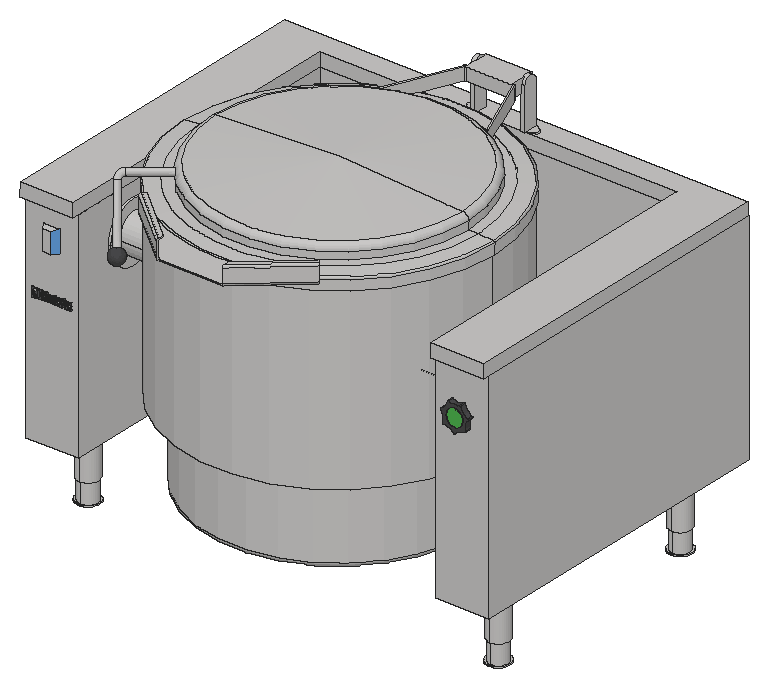
Revit family "QF_ELECTROLUXPROFESSIONAL_587192_PBOT20TDJO", category Attrezzature speciali, Revit 2020
Family settings
  Quota connettore circolare = Usa diametro
  Tipo di parte = Normale
  Basato su piano di lavoro = No
  Sempre verticale = Sì
  Taglio con vuoti quando caricato = No
  Condiviso = No
  Punto di calcolo locali = No
Parameters (values of type "Standard")
  Weight = 360.00 kg
  Watts = 200 W
  Volts = 230 V
  URL Manufacturer = "https://www.electroluxprofessional.com/"
  URL = "https://www.electroluxprofessional.com/"
  Steam Supply Size = 25.4 mm
  Steam Supply Minimum Pressure = 3.28084 Pa
  Steam Supply Maximum Pressure = 4.92126 Pa
  Steam Consumption per Hour = 85
  Refrigeration Suction Line Size = 0.0 mm
  Refrigeration Liquid Line Size = 0.0 mm
  Refrigerant Compressor Remote = yes
  Prospetto di default = 0.0 mm
  Produttore = "Electrolux Professional"
  Phase = 1
  Modello = "PBOT20TDJO"
  Length Actual = 1400.0 mm  # constant formula
  Item Number = "587192"
  Hot Water Size = 12.7 mm
  Height Actual = 700.0 mm  # constant formula
  HP = "0.3 HP"
  Gas Size = 0 mm
  Gas KW = 0
  Gas Input Pressure = 0 W
  Direct Waste Size = 0 mm
  Descrizione = "STEAM (MAN) BOILING PAN, TILTING,200L,230V,FS,MARINE"
  Depth Actual = 1000.0 mm  # constant formula
  Cycle = 50 Hz
  Condensate Return Size = 25.4 mm
  Compressed Air Volume = 0.0 L/s
  Compressed Air Size = 0 mm
  Compressed Air Pressure = 0.0 Pa
  Cold Water Size = 12.7 mm
  Accessory = yes
Reference planes
  plane 1 "Center (Front/Back)": y = 0
  plane 2: z = 0
  plane 3 "Center (Left/Right)": x = 0
  plane 4 "LEFT": x = -700
  plane 5 "RIGHT": x = 700
  plane 6 "BACK": y = 500
  plane 7 "FRONT": y = -500
  plane 8 "Base": z = 200
  plane 9 "TOP": z = 900
  plane 10: x = -540
  plane 11: x = 540
  plane 12 "Axe_PentolaY": y = -280
  plane 13 "AxePentolaZ": z = 730
  plane 14 "PLANE_TOP": z = 860
  plane 15: y = 430
  plane 16: x = -465
  plane 17 "PentolaH1": z = 970
  plane 18 "PentolaH2": z = 430
  plane 19 "Pentola_H3": z = 160
  plane 20: x = -405
  plane 21: y = -734
  plane 22 "CentroPentolaY": y = -170
  plane 23 "TopCoperchio": z = 1071
  plane 24 "Versamento": z = 1002
  plane 25 "V1": through (-269.804, -566.187, 4000) normal (-0.7071, -0.7071, 0)
  plane 26 "V2": through (187.211, -659.95, 4000) normal (-0.6561, 0.7547, 0)
  plane 27 "Gfront": y = -1400
  plane 28 "LEVEL": through (-433.899, -446.4, 4000) normal (0.6535, 0.7569, 0)
  plane 29 "GRight": x = 250
  plane 30 "GLeft": x = -250
  plane 31: z = 2047
  plane 32 "Ribaltamento": y = -835
  plane 33: x = -620
  plane 34: x = 620
  plane 35 "AttaccoManiglia": z = 1028
  plane 36 "GBack": y = -200
  plane 37: through (0, -170, 4000) normal (0.6157, -0.788, 0)
Forms (mm)
  Revolve 1, solid, material "QF_Finishes_Stainless Steel"
    sketch origin (0, 0, 730) x (-1, 0, 0) y (0, -1, 0)
      loop
        line (540, 280) -> (-540, 280) -> (-540, 190) -> (-530, 190) -> (-530, 222) -> (530, 222) -> (530, 190) -> (540, 190) -> (540, 280)
      axis (540, 280) -> (-540, 280)
    angle from 0 to 360
  Extrusion 2, solid, material "QF_Finishes_Stainless Steel"
    sketch origin (0, 0, 860) x (-1, 0, 0) y (0, -1, 0)
      loop
        line (700, 500) -> (540, 500) -> (540, -430) -> (-540, -430) -> (-540, 500) -> (-700, 500) -> (-700, -500) -> (700, -500) -> (700, 500)
    from 0 to 40
  Extrusion 3, solid, material "QF_Finishes_Stainless Steel"
    sketch origin (0, 0, 860) x (-1, 0, 0) y (0, -1, 0)
      loop
        line (540, -430) -> (-540, -430) -> (-540, -500) -> (540, -500) -> (540, -430)
    from 0 to -360
  Revolve 4, solid, material "QF_Finishes_Stainless Steel"
    sketch origin (0, -170, 0) x (-1, 0, 0) y (0, 0, 1)
      loop
        line (0, 970) -> (0, 160)
        arc (0, 160) -> (194.987, 166.243) -> (389.172, 184.97) r 3042.07
        arc (389.172, 184.97) -> (400.002, 186.598) -> (405, 196.343) r 12
        line (405, 196.343) -> (405, 430) -> (465, 430) -> (465, 970) -> (0, 970)
      axis (0, 970) -> (0, 160)
    angle from 0 to 360
  Revolve 5, solid, material "QF_Finishes_Stainless Steel"
    sketch origin (0, -170, 0) x (-1, 0, 0) y (0, 0, 1)
      loop
        line (470, 970) -> (470, 1000.417)
        arc (470, 1000.417) -> (468.783, 1004.04) -> (465.626, 1006.193) r 6
        line (465.626, 1006.193) -> (421, 1010) -> (390, 1010) -> (390, 1031.999)
        arc (390, 1031.999) -> (384.849, 1045.397) -> (372.049, 1051.894) r 20
        arc (372.049, 1051.894) -> (186.27, 1066.22) -> (0, 1071) r 3631.929
        line (0, 1071) -> (0, 970) -> (470, 970)
      axis (0, 1071) -> (0, 970)
    angle from 0 to 360
  Extrusion 6, solid, material "QF_Finishes_Stainless Steel"
    sketch origin (0, 0, 1002) x (-1, 0, 0) y (0, -1, 0)
      loop
        line (91.591, 734) -> (-92.97, 734) -> (-268.11, 581.753) -> (-253.963, 565.478)
        arc (-253.963, 565.478) -> (0.647, 640) -> (255.051, 564.777) r 470
        line (255.051, 564.777) -> (268.273, 581.464) -> (91.591, 734)
    from 0 to 3
  Sweep 7, solid, material "QF_Finishes_Stainless Steel"
    path origin (0, 0, 1002) x (-1, 0, 0) y (0, -1, 0)
      loop
        line (-83.331, 750.252) -> (-272.008, 586.237)
    profile origin (177.669, -668.244, 1002) x (-0.656059, 0.75471, 0) y (0, 0, 1)
      loop
        arc (0, 6) -> (1.757, 1.757) -> (6, 0) r 6
        line (6, 0) -> (19, 0) -> (19, 3) -> (6, 3)
        arc (6, 3) -> (3.879, 3.879) -> (3, 6) r 3
        line (3, 6) -> (3, 50)
        arc (3, 50) -> (3.879, 52.121) -> (6, 53) r 3
        line (6, 53) -> (19, 53) -> (19, 56) -> (6, 56)
        arc (6, 56) -> (1.757, 54.243) -> (0, 50) r 6
        line (0, 50) -> (0, 6)
  Extrusion 8, solid, material "QF_Finishes_Stainless Steel"
    sketch origin (0, 0, 0) x (0, 1, 0) y (0, 0, 1)
      loop
        line (470, 900) -> (470, 1026.813)
        arc (470, 1026.813) -> (450, 1046.813) -> (430, 1026.813) r 20
        line (430, 1026.813) -> (430, 900) -> (470, 900)
    from -70 to -82
  Extrusion 9, solid, material "QF_Finishes_Stainless Steel"
    sketch origin (0, 0, 900) x (0, 1, 0) y (-1, 0, 0)
      loop
        arc (391.221, 74.165) -> (393.445, 72.322) -> (394.279, 69.557) r 5
        line (394.279, 69.557) -> (394.279, -69.557)
        arc (394.279, -69.557) -> (393.445, -72.322) -> (391.221, -74.165) r 5
        line (391.221, -74.165) -> (185.222, -160.989) -> (181.486, -168.991) -> (394.012, -78.4)
        arc (394.012, -78.4) -> (397.863, -74.931) -> (399.459, -70) r 10
        line (399.459, -70) -> (470, -70) -> (470, 70) -> (399.459, 70)
        arc (399.459, 70) -> (397.863, 74.931) -> (394.012, 78.4) r 10
        line (394.012, 78.4) -> (182.094, 167.719) -> (184.906, 161.122) -> (391.221, 74.165)
    from 102 to 141.895
  Extrusion 10, solid, material "QF_Finishes_Stainless Steel"
    sketch origin (0, 0, 0) x (0, 1, 0) y (0, 0, 1)
      loop
        line (470, 900) -> (470, 1026.813)
        arc (470, 1026.813) -> (450, 1046.813) -> (430, 1026.813) r 20
        line (430, 1026.813) -> (430, 900) -> (470, 900)
    from 70 to 82
  Extrusion 11, solid, material "QF_Finishes_Stainless Steel"
    sketch origin (0, 0, 900) x (0, 1, 0) y (-1, 0, 0)
      loop
        arc (441.973, -103.927) -> (450, -108.689) -> (458.027, -103.927) r 9.146
        line (458.027, -103.927) -> (470, -82) -> (430, -82) -> (441.973, -103.927)
      loop
        line (441.973, 103.927) -> (430, 82) -> (470, 82) -> (458.027, 103.927)
        arc (458.027, 103.927) -> (450, 108.689) -> (441.973, 103.927) r 9.146
    from 0 to 3
  Extrusion 12, solid, material "QF_Door-Drawer Clearances", detail levels coarse
    sketch origin (0, 0, 0) x (0, 1, 0) y (0, 0, 1)
      loop
        line (-734, 1008) -> (-734, 1058)
        arc (-734, 1058) -> (-830.288, 669.084) -> (-635, 319.241) r 545.673
        line (-635, 319.241) -> (-635, 970) -> (-640, 970) -> (-640, 1002) -> (-729.757, 1002)
        spline (-729.757, 1002) -> (-730.311, 1002.051) -> (-730.855, 1002.204) -> (-731.381, 1002.457) -> (-731.879, 1002.804) -> (-732.34, 1003.24) -> (-732.757, 1003.757) -> (-733.123, 1004.347) -> (-733.432, 1005) -> (-733.677, 1005.704) -> (-733.855, 1006.447) -> (-733.964, 1007.217) -> (-734, 1008)
    from -100 to 100
  Extrusion 13, void
    sketch origin (0, 0, 1002) x (-1, 0, 0) y (0, -1, 0)
      loop
        line (-100, 734) -> (100, 734) -> (100, 751.601) -> (-100, 751.601) -> (-100, 734)
    from 0 to 71
  Extrusion 14, solid, material "QF_Door-Drawer Clearances", detail levels coarse
    sketch origin (0, 0, 0) x (0, 1, 0) y (0, 0, 1)
      loop
        line (470, 1026.813) -> (470, 1056.062) -> (390.735, 1353.963)
        arc (390.735, 1353.963) -> (344.187, 1589.928) -> (267.311, 1817.823) r 1843.263
        line (267.311, 1817.823) -> (206.507, 2046.341)
        arc (206.507, 2046.341) -> (-460.593, 1748.224) -> (-734, 1070.62) r 976.38
        line (-734, 1070.62) -> (-734, 1056.062) -> (-450, 1056.062)
        arc (-450, 1056.062) -> (-169.5, 1072.082) -> (111, 1056.062) r 2463.707
        line (111, 1056.062) -> (220, 1056.062) -> (220, 1012.644) -> (430, 1012.644) -> (430, 1026.813)
        arc (430, 1026.813) -> (450, 1046.813) -> (470, 1026.813) r 20
    from -100 to 100
  Sweep 15, solid, material "QF_Finishes_Stainless Steel"
    path origin (0, 0, 1002) x (1, 0, 0) y (0, -1, 0)
      loop
        line (-83.331, 750.252) -> (-272.008, 586.237)
    profile origin (-177.669, -668.244, 1002) x (-0.656059, -0.75471, 0) y (0, 0, 1)
      loop
        line (0, 6) -> (0, 50)
        arc (0, 50) -> (-1.757, 54.243) -> (-6, 56) r 6
        line (-6, 56) -> (-19, 56) -> (-19, 53) -> (-6, 53)
        arc (-6, 53) -> (-3.879, 52.121) -> (-3, 50) r 3
        line (-3, 50) -> (-3, 6)
        arc (-3, 6) -> (-3.879, 3.879) -> (-6, 3) r 3
        line (-6, 3) -> (-19, 3) -> (-19, 0) -> (-6, 0)
        arc (-6, 0) -> (-1.757, 1.757) -> (0, 6) r 6
  Extrusion 16, void
    sketch origin (0, 0, 1002) x (-1, 0, 0) y (0, -1, 0)
      loop
        line (100, 710.586) -> (100, 733.997) -> (-100, 733.997) -> (-100, 710.586) -> (100, 710.586)
    from 0 to 56
Cuts and joins
  Extrusion 13 cuts Extrusion 6
  Extrusion 13, Extrusion 16 cuts Sweep 7
  Extrusion 13, Extrusion 16 cuts Sweep 15
  joined: Extrusion 6, Sweep 7, Sweep 15
  Extrusion 13 cuts Extrusion 12
Lines and regions (mm)
  symbolic lines
    curve 1: line (700, 500, 900) -> (-700, 500, 900)
    curve 2: line (700, -500, 900) -> (700, 500, 900)
    curve 3: line (-700, 500, 900) -> (-700, -500, 900)
    curve 4: line (-700, -500, 900) -> (-540, -500, 900)
    curve 5: line (-540, -500, 900) -> (-540, 430, 900)
    curve 6: line (540, 430, 900) -> (540, -500, 900)
    curve 7: line (540, -500, 900) -> (700, -500, 900)
    curve 8: line (-530, -190, 900) -> (-530, -370, 900)
    curve 9: line (-530, -190, 900) -> (-540, -190, 900)
    curve 10: line (-530, -370, 900) -> (-540, -370, 900)
    curve 11: line (530, -190, 900) -> (540, -190, 900)
    curve 12: line (530, -370, 900) -> (540, -370, 900)
    curve 13: line (-70, 399.459, 900) -> (-70, 470, 900)
    curve 14: line (-82, 470, 900) -> (82, 470, 900)
    curve 15: line (70, 470, 900) -> (70, 399.459, 900)
    curve 16: line (272.008, -586.237, 900) -> (102.026, -734, 900)
    curve 17: line (-103.927, 441.973, 900) -> (-82, 430, 900)
    curve 18: arc (-103.927, 458.027, 900) -> (-108.689, 450, 900) -> (-103.927, 441.973, 900) r 9.146
    curve 19: line (-82, 470, 900) -> (-103.927, 458.027, 900)
    curve 20: line (-82, 470, 900) -> (-82, 430, 900)
    curve 21: line (82, 430, 900) -> (82, 470, 900)
    curve 22: line (103.927, 458.027, 900) -> (82, 470, 900)
    curve 23: arc (103.927, 441.973, 900) -> (108.689, 450, 900) -> (103.927, 458.027, 900) r 9.146
    curve 24: line (82, 430, 900) -> (103.927, 441.973, 900)
    curve 29: line (-540, 430, 900) -> (-70, 430, 900)
    curve 30: line (540, 430, 900) -> (70, 430, 900)
    curve 31: line (-530, -222, 900) -> (-467.115, -222, 900)
    curve 32: line (-530, -338, 900) -> (-438.949, -338, 900)
    curve 33: line (530, -222, 900) -> (466.676, -222, 900)
    curve 53: line (530, -338, 900) -> (439.209, -338, 900)
    curve 55: line (530, -370, 1002) -> (530, -190, 1002)
    curve 56: circle (0, -170, 1002) r 427.847 normal (0, 0, 1)
    curve 57: arc (-70, 399.459, 1002) -> (-74.931, 397.863, 1002) -> (-78.4, 394.012, 1002) r 10
    curve 58: arc (-74.165, 391.221, 1002) -> (-72.322, 393.445, 1002) -> (-69.557, 394.279, 1002) r 5
    curve 59: arc (69.557, 394.279, 1002) -> (72.322, 393.445, 1002) -> (74.165, 391.221, 1002) r 5
    curve 60: arc (78.4, 394.012, 1002) -> (74.931, 397.863, 1002) -> (70, 399.459, 1002) r 10
    curve 61: line (-69.557, 394.279, 1002) -> (69.557, 394.279, 1002)
    curve 62: line (-160.989, 185.222, 1002) -> (-74.165, 391.221, 1002)
    curve 63: line (-78.4, 394.012, 1002) -> (-167.719, 182.094, 1002)
    curve 64: line (74.165, 391.221, 1002) -> (160.989, 185.222, 1002)
    curve 65: line (168.991, 181.486, 1002) -> (78.4, 394.012, 1002)
    curve 66: arc (470, -170, 1002) -> (0, 300, 1002) -> (-470, -170, 1002) r 470
    curve 67: circle (0, -170, 1002) r 390 normal (0, 0, 1)
    curve 68: arc (-470, -170, 1002) -> (-445.318, -320.307, 1002) -> (-373.864, -454.826, 1002) r 470
    curve 69: line (-255.051, -564.777, 1002) -> (-272.008, -586.237, 1002)
    curve 70: line (272.008, -586.237, 1002) -> (253.963, -565.478, 1002)
    curve 71: line (-272.008, -586.237, 1002) -> (-100, -734.738, 1002)
    curve 72: line (-260.216, -571.313, 1002) -> (-100, -710.586, 1002)
    curve 73: line (259.543, -571.897, 1002) -> (100, -710.586, 1002)
    curve 74: line (-100, -710.586, 1002) -> (-100, -734.738, 1002)
    curve 75: line (100, -710.586, 1002) -> (100, -733.997, 1002)
    curve 76: arc (-362.785, -468.809, 1002) -> (158.731, -612.385, 1002) -> (470, -170, 1002) r 470
  symbolic lines, style "SpecialityEquipmentHiddenLines"
    curve 25: line (-250, -1400, 900) -> (250, -1400, 900)
    curve 26: line (-250, -200, 900) -> (-250, -1400, 900)
    curve 27: line (250, -1400, 900) -> (250, -200, 900)
    curve 50: line (0, -1265.484, 900) -> (0, -1235.484, 900)
    curve 51: line (-15, -1250.484, 900) -> (15, -1250.484, 900)
    curve 54: line (250, -200, 1002) -> (-250, -200, 1002)
  symbolic lines, style "SpecialityEquipment"
    curve 28: circle (0, -1250.484, 900) r 15 normal (0, 0, 1)
    curve 34: line (210, -1400, 900) -> (210, -1200, 900)
    curve 35: line (170, -1400, 900) -> (170, -1240, 900)
    curve 36: line (130, -1400, 900) -> (130, -1280, 900)
    curve 37: line (90, -1400, 900) -> (90, -1320, 900)
    curve 38: line (90, -1360, 900) -> (250, -1360, 900)
    curve 39: line (130, -1320, 900) -> (250, -1320, 900)
    curve 40: line (170, -1280, 900) -> (250, -1280, 900)
    curve 41: line (210, -1240, 900) -> (250, -1240, 900)
    curve 42: line (-210, -1400, 900) -> (-210, -1200, 900)
    curve 43: line (-170, -1400, 900) -> (-170, -1240, 900)
    curve 44: line (-130, -1400, 900) -> (-130, -1280, 900)
    curve 45: line (-90, -1400, 900) -> (-90, -1320, 900)
    curve 46: line (-90, -1360, 900) -> (-250, -1360, 900)
    curve 47: line (-130, -1320, 900) -> (-250, -1320, 900)
    curve 48: line (-170, -1280, 900) -> (-250, -1280, 900)
    curve 49: line (-210, -1240, 900) -> (-250, -1240, 900)
    curve 52: line (-100.772, -734, 900) -> (102.026, -734, 900)
Dimensions and locks
  plane 4 "LEFT" to plane 5 "RIGHT" = 1400.0 mm
  equal spacing: plane 4 "LEFT", plane 3 "Center (Left/Right)", plane 5 "RIGHT"
  equal spacing: plane 6 "BACK", plane 1 "Center (Front/Back)", plane 7 "FRONT"
  plane 6 "BACK" to plane 7 "FRONT" = 1000.0 mm
  plane 8 "Base" to level = 200.0 mm
  plane 9 "TOP" to level = 900.0 mm
  plane 9 "TOP" to plane 8 "Base" = 700.0 mm
  locked: plane 4 "LEFT" to plane 10 at 160
  locked: plane 11 to plane 5 "RIGHT" at 160
  locked: plane 6 "BACK" to plane 12 "Axe_PentolaY" at 780
  locked: plane 13 "AxePentolaZ" to plane 8 "Base" at 530
  locked: Revolve 1 sketch curve to Revolve 1 sketch curve at 58
  locked: Revolve 1 sketch curve to Revolve 1 sketch curve at 90
  locked: plane 10 to Revolve 1 sketch curve at 10
  locked: Revolve 1 sketch curve to plane 11 at 10
  locked: plane 9 "TOP" to plane 14 "PLANE_TOP" at 40
  plane 6 "BACK" to plane 15 = 70.0 mm
  locked: plane 17 "PentolaH1" to plane 13 "AxePentolaZ" at 240
  locked: plane 13 "AxePentolaZ" to plane 18 "PentolaH2" at 300
  locked: plane 18 "PentolaH2" to plane 19 "Pentola_H3" at 270
  locked: plane 3 "Center (Left/Right)" to plane 16 at 465
  locked: plane 3 "Center (Left/Right)" to plane 20 at 405
  Revolve 5 sketch curve to plane 17 "PentolaH1" = 40.0 mm
  locked: plane 16 to Revolve 5 sketch curve at 5
  plane 6 "BACK" to plane 21 = 1234.0 mm
  locked: plane 6 "BACK" to plane 22 "CentroPentolaY" at 670
  locked: plane 23 "TopCoperchio" to plane 9 "TOP" at 171
  locked: plane 24 "Versamento" to level at 1002
  plane 6 "BACK" to plane 27 "Gfront" = 1900.0 mm
  locked: plane 30 "GLeft" to plane 3 "Center (Left/Right)" at 250
  locked: plane 3 "Center (Left/Right)" to plane 29 "GRight" at 250
  plane 31 to plane 9 "TOP" = 1147.0 mm
  plane 6 "BACK" to plane 32 "Ribaltamento" = 1335.0 mm
  equal spacing: plane 10, plane 33, plane 4 "LEFT"
  equal spacing: plane 5 "RIGHT", plane 34, plane 11
  locked: plane 35 "AttaccoManiglia" to level at 1028
  plane 6 "BACK" to plane 36 "GBack" = 700.0 mm
  aligned and locked: level to plane 2
  aligned and locked: plane 5 "RIGHT" to nested 2
  aligned and locked: plane 4 "LEFT" to nested 1
  aligned and locked: plane 8 "Base" to nested 1
  aligned and locked: plane 8 "Base" to nested 2
  aligned and locked: plane 6 "BACK" to nested 2
  aligned and locked: plane 6 "BACK" to nested 1
  aligned and locked: plane 10 to Revolve 1 sketch curve
  aligned and locked: plane 11 to Revolve 1 sketch curve
  aligned and locked: plane 4 "LEFT" to Extrusion 2 sketch curve
  aligned and locked: Extrusion 2 sketch curve to plane 10
  aligned and locked: plane 7 "FRONT" to Extrusion 2 sketch curve  (x2)
  aligned and locked: Extrusion 2 sketch curve to plane 5 "RIGHT"
  aligned and locked: plane 11 to Extrusion 2 sketch curve
  aligned and locked: Extrusion 2 sketch curve to plane 6 "BACK"
  aligned and locked: plane 15 to Extrusion 2 sketch curve
  aligned and locked: Extrusion 3 sketch curve to plane 10
  aligned and locked: plane 6 "BACK" to Extrusion 3 sketch curve
  aligned and locked: plane 11 to Extrusion 3 sketch curve
  aligned and locked: Extrusion 3 sketch curve to plane 15
  aligned and locked: plane 3 "Center (Left/Right)" to Revolve 4 sketch curve
  aligned and locked: Revolve 4 sketch curve to plane 20
  aligned and locked: Revolve 4 sketch curve to plane 18 "PentolaH2"
  aligned and locked: Revolve 4 sketch curve to plane 16
  aligned and locked: plane 17 "PentolaH1" to Revolve 4 sketch curve
  aligned and locked: Revolve 5 sketch curve to plane 17 "PentolaH1"
  aligned and locked: Extrusion 8 sketch curve to plane 15
  aligned and locked: Extrusion 8 sketch curve to Extrusion 2
  aligned and locked: curve 25 to plane 27 "Gfront"
  aligned and locked: curve 26 to plane 30 "GLeft"
  aligned and locked: plane 29 "GRight" to curve 27
  aligned and locked: plane 33 to nested 3
  aligned and locked: plane 34 to nested 4
  aligned and locked: plane 36 "GBack" to curve 54
Automatic sketch dimensions
  plane 12 "Axe_PentolaY" to Revolve 1 sketch curve = 0.0 mm
  Revolve 1 sketch curve to plane 12 "Axe_PentolaY" = 0.0 mm
  plane 36 "GBack" to Revolve 1 sketch curve = 10.0 mm
  plane 5 "RIGHT" to Revolve 1 sketch curve = 432.098 mm
  Revolve 1 sketch curve to plane 4 "LEFT" = 580.148 mm
  Revolve 4 sketch curve to plane 3 "Center (Left/Right)" = 0.0 mm
  Revolve 4 sketch curve to plane 19 "Pentola_H3" = 0.0 mm
  Revolve 4 sketch curve to plane 3 "Center (Left/Right)" = 0.201 mm
  Revolve 4 sketch curve to plane 8 "Base" = 3.657 mm
  Revolve 4 sketch curve to Revolve 4 sketch curve = 12.0 mm
  plane 31 to Revolve 4 sketch curve = 1155.07 mm
  level to Revolve 4 sketch curve = 60.0 mm
  plane 23 "TopCoperchio" to Revolve 4 sketch curve = 179.0 mm
  Extrusion 6 sketch curve to plane 21 = 0.0 mm
  Extrusion 6 sketch curve to plane 3 "Center (Left/Right)" = 0.0 mm
  plane 28 "LEVEL" to Extrusion 6 sketch curve = 6.0 mm  (x2)
  Extrusion 6 sketch curve to plane 22 "CentroPentolaY" = 0.0 mm
  plane 3 "Center (Left/Right)" to Extrusion 6 sketch curve = 92.97 mm
  plane 29 "GRight" to Extrusion 6 sketch curve = 3.963 mm
  plane 29 "GRight" to Extrusion 6 sketch curve = 18.11 mm
  Extrusion 6 sketch curve to plane 30 "GLeft" = 5.051 mm
  Extrusion 6 sketch curve to plane 30 "GLeft" = 18.273 mm
  Extrusion 6 sketch curve to Extrusion 6 sketch curve = 16.687 mm
  Sweep 7 sketch curve to plane 26 "V2" = 0.0 mm  (x2)
  plane 29 "GRight" to Sweep 7 sketch curve = 22.008 mm
  Sweep 7 sketch curve to plane 21 = 16.252 mm
  Sweep 7 sketch curve to Sweep 7 sketch curve = 0.0 mm  (x4)
  Sweep 7 sketch curve to profile plane = 0.0 mm
  plane 24 "Versamento" to Sweep 7 sketch curve = 0.0 mm
  Sweep 7 sketch curve to Sweep 7 sketch curve = 3.0 mm  (x2)
  Sweep 7 sketch curve to profile plane = 6.0 mm
  Sweep 7 sketch curve to Sweep 7 sketch curve = 13.0 mm  (x2)
  Sweep 7 sketch curve to Sweep 7 sketch curve = 44.0 mm
  Extrusion 8 sketch curve to plane 35 "AttaccoManiglia" = 1.187 mm
  Extrusion 8 sketch curve to Extrusion 8 sketch curve = 20.0 mm
  Extrusion 10 sketch curve to plane 9 "TOP" = 0.0 mm
  Extrusion 10 sketch curve to plane 15 = 0.0 mm
  Extrusion 10 sketch curve to plane 35 "AttaccoManiglia" = 1.187 mm
  Extrusion 10 sketch curve to Extrusion 10 sketch curve = 20.0 mm
  Extrusion 11 sketch curve to plane 15 = 0.0 mm  (x2)
  plane 15 to Extrusion 11 sketch curve = 11.973 mm  (x2)
  Extrusion 11 sketch curve to Extrusion 11 sketch curve = 8.027 mm  (x4)
  Extrusion 11 sketch curve to Extrusion 11 sketch curve = 11.973 mm  (x2)
  plane 3 "Center (Left/Right)" to Extrusion 11 sketch curve = 103.927 mm
  Extrusion 11 sketch curve to Extrusion 11 sketch curve = 4.383 mm  (x2)
  Extrusion 11 sketch curve to Extrusion 11 sketch curve = 21.927 mm
  Extrusion 11 sketch curve to plane 3 "Center (Left/Right)" = 82.0 mm
  Extrusion 11 sketch curve to Extrusion 11 sketch curve = 17.543 mm
  Extrusion 13 sketch curve to plane 21 = 0.0 mm
  plane 26 "V2" to Extrusion 13 sketch curve = 132.541 mm
  Extrusion 13 sketch curve to plane 25 "V1" = 142.829 mm
  Extrusion 13 sketch curve to plane 21 = 17.601 mm
  plane 30 "GLeft" to Sweep 15 sketch curve = 22.008 mm
  plane 7 "FRONT" to Sweep 15 sketch curve = 86.237 mm
  plane 21 to Sweep 15 sketch curve = 16.252 mm
  plane 3 "Center (Left/Right)" to Sweep 15 sketch curve = 83.331 mm
  Sweep 15 sketch curve to Sweep 15 sketch curve = 0.0 mm  (x4)
  plane 24 "Versamento" to Sweep 15 sketch curve = 0.0 mm
  Sweep 15 sketch curve to profile plane = 0.0 mm
  profile plane to Sweep 15 sketch curve = 3.0 mm
  Sweep 15 sketch curve to Sweep 15 sketch curve = 3.0 mm  (x2)
  Sweep 15 sketch curve to Sweep 15 sketch curve = 13.0 mm  (x2)
  Sweep 15 sketch curve to Sweep 15 sketch curve = 44.0 mm
  Revolve 5 sketch curve to plane 3 "Center (Left/Right)" = 0.0 mm  (x2)
  Revolve 5 sketch curve to plane 23 "TopCoperchio" = 0.0 mm
  plane 35 "AttaccoManiglia" to Revolve 5 sketch curve = 3.999 mm
  plane 20 to Revolve 5 sketch curve = 35.0 mm
  plane 20 to Revolve 5 sketch curve = 15.0 mm
  Revolve 5 sketch curve to plane 20 = 16.0 mm
  plane 16 to Revolve 5 sketch curve = 1.0 mm
  Revolve 5 sketch curve to plane 16 = 0.626 mm
  Revolve 5 sketch curve to level = 2560.929 mm
  Revolve 5 sketch curve to plane 24 "Versamento" = 1.583 mm
  Revolve 5 sketch curve to plane 18 "PentolaH2" = 95.0 mm
  Revolve 5 sketch curve to Revolve 5 sketch curve = 179.0 mm
  plane 30 "GLeft" to Extrusion 9 sketch curve = 82.281 mm
  Extrusion 9 sketch curve to plane 1 "Center (Front/Back)" = 182.094 mm
  plane 30 "GLeft" to Extrusion 9 sketch curve = 88.878 mm
  Extrusion 9 sketch curve to Extrusion 9 sketch curve = 2.812 mm
  Extrusion 9 sketch curve to plane 15 = 40.721 mm  (x2)
  Extrusion 9 sketch curve to Extrusion 9 sketch curve = 0.194 mm  (x2)
  Extrusion 9 sketch curve to Extrusion 9 sketch curve = 1.748 mm  (x2)
  Extrusion 9 sketch curve to Extrusion 9 sketch curve = 2.792 mm  (x2)
  Extrusion 9 sketch curve to Extrusion 9 sketch curve = 4.806 mm
  Extrusion 9 sketch curve to Extrusion 9 sketch curve = 5.181 mm  (x2)
  Extrusion 9 sketch curve to plane 6 "BACK" = 30.0 mm
  Extrusion 9 sketch curve to plane 3 "Center (Left/Right)" = 78.4 mm
  Extrusion 9 sketch curve to Extrusion 9 sketch curve = 4.235 mm
  Extrusion 9 sketch curve to plane 3 "Center (Left/Right)" = 70.0 mm
  plane 3 "Center (Left/Right)" to Extrusion 9 sketch curve = 69.49 mm
  Extrusion 9 sketch curve to Extrusion 9 sketch curve = 0.067 mm
  plane 3 "Center (Left/Right)" to Extrusion 9 sketch curve = 70.0 mm
  Extrusion 9 sketch curve to plane 1 "Center (Front/Back)" = 181.486 mm
  Extrusion 9 sketch curve to plane 29 "GRight" = 81.009 mm
  Extrusion 9 sketch curve to Extrusion 9 sketch curve = 3.736 mm
  Extrusion 9 sketch curve to plane 29 "GRight" = 89.011 mm
  Extrusion 12 sketch curve to plane 21 = 0.0 mm
  Extrusion 12 sketch curve to plane 24 "Versamento" = 0.0 mm
  Extrusion 12 sketch curve to plane 17 "PentolaH1" = 0.0 mm
  plane 21 to Extrusion 12 sketch curve = 4.243 mm
  plane 21 to Extrusion 12 sketch curve = 94.0 mm
  Extrusion 12 sketch curve to Extrusion 12 sketch curve = 5.0 mm
  Extrusion 12 sketch curve to plane 12 "Axe_PentolaY" = 9.45 mm
  plane 13 "AxePentolaZ" to Extrusion 12 sketch curve = 11.561 mm
  plane 24 "Versamento" to Extrusion 12 sketch curve = 6.0 mm
  plane 8 "Base" to Extrusion 12 sketch curve = 119.241 mm
  Extrusion 14 sketch curve to plane 21 = 0.0 mm
  Extrusion 14 sketch curve to plane 15 = 0.0 mm
  Extrusion 14 sketch curve to plane 27 "Gfront" = 37.099 mm
  Extrusion 14 sketch curve to plane 23 "TopCoperchio" = 14.938 mm  (x3)
  plane 7 "FRONT" to Extrusion 14 sketch curve = 50.0 mm
  plane 22 "CentroPentolaY" to Extrusion 14 sketch curve = 0.5 mm
  Extrusion 14 sketch curve to plane 31 = 0.659 mm
  Extrusion 14 sketch curve to plane 23 "TopCoperchio" = 0.38 mm
  Extrusion 14 sketch curve to Extrusion 14 sketch curve = 22.38 mm
  Extrusion 14 sketch curve to plane 35 "AttaccoManiglia" = 1.187 mm
  Extrusion 14 sketch curve to Extrusion 14 sketch curve = 20.0 mm
  plane 24 "Versamento" to Extrusion 14 sketch curve = 10.644 mm
  Extrusion 14 sketch curve to level = 1391.625 mm
  plane 23 "TopCoperchio" to Extrusion 14 sketch curve = 44.965 mm
  Extrusion 14 sketch curve to plane 15 = 162.689 mm
  Extrusion 14 sketch curve to plane 15 = 39.265 mm
  Extrusion 14 sketch curve to plane 1 "Center (Front/Back)" = 206.507 mm
  plane 23 "TopCoperchio" to Extrusion 14 sketch curve = 282.963 mm
  curve 56 to curve 67 = 0.0 mm
  curve 56 to curve 68 = 0.0 mm
  curve 66 to curve 67 = 0.0 mm
  curve 67 to curve 68 = 0.0 mm
  curve 66 to plane 22 "CentroPentolaY" = 0.0 mm
  curve 70 to plane 26 "V2" = 0.0 mm
  curve 54 to plane 29 "GRight" = 0.0 mm
  curve 56 to plane 3 "Center (Left/Right)" = 0.0 mm
  curve 54 to plane 30 "GLeft" = 0.0 mm
  curve 65 to plane 15 = 35.988 mm
  plane 3 "Center (Left/Right)" to curve 65 = 78.4 mm
  curve 60 to curve 64 = 4.235 mm
  curve 59 to curve 59 = 4.607 mm
  curve 59 to curve 60 = 0.067 mm
  curve 57 to plane 3 "Center (Left/Right)" = 69.49 mm
  curve 57 to curve 61 = 0.067 mm
  curve 62 to plane 15 = 38.779 mm
  curve 57 to curve 62 = 4.675 mm
  curve 63 to plane 15 = 35.988 mm
  curve 62 to curve 63 = 4.235 mm
  plane 21 to curve 72 = 23.414 mm
  curve 72 to plane 3 "Center (Left/Right)" = 100.0 mm
  curve 69 to plane 30 "GLeft" = 22.008 mm
  curve 61 to curve 62 = 3.058 mm
  curve 60 to curve 64 = 2.792 mm
  curve 57 to curve 58 = 0.194 mm
  curve 60 to curve 59 = 0.194 mm
  curve 71 to plane 7 "FRONT" = 86.237 mm
  curve 74 to plane 21 = 0.738 mm
  plane 29 "GRight" to curve 70 = 3.963 mm
  curve 73 to curve 70 = 5.58 mm
  curve 70 to curve 73 = 12.465 mm
  curve 55 to plane 11 = 10.0 mm
  curve 65 to plane 29 "GRight" = 81.009 mm
  curve 65 to curve 64 = 8.002 mm
  plane 21 to curve 75 = 0.003 mm
  plane 3 "Center (Left/Right)" to curve 75 = 100.0 mm
  plane 21 to curve 73 = 23.414 mm
  curve 60 to curve 61 = 0.443 mm
  curve 61 to curve 57 = 0.443 mm
  plane 30 "GLeft" to curve 62 = 89.011 mm
  curve 62 to curve 63 = 6.73 mm
  curve 69 to plane 30 "GLeft" = 5.051 mm
  curve 69 to curve 72 = 5.164 mm
  curve 64 to plane 1 "Center (Front/Back)" = 185.222 mm
  plane 36 "GBack" to curve 55 = 10.0 mm
  curve 55 to plane 12 "Axe_PentolaY" = 90.0 mm
  plane 21 to Extrusion 16 sketch curve = 23.414 mm
  plane 3 "Center (Left/Right)" to Extrusion 16 sketch curve = 100.0 mm
  plane 21 to Extrusion 16 sketch curve = 0.003 mm
  Extrusion 16 sketch curve to plane 3 "Center (Left/Right)" = 100.0 mm
  curve 56 to curve 66 = 0.0 mm
  curve 56 to curve 76 = 0.0 mm
  plane 7 "FRONT" to curve 76 = 31.191 mm
  curve 76 to curve 68 = 11.079 mm
  curve 50 to plane 3 "Center (Left/Right)" = 0.0 mm
  curve 28 to plane 3 "Center (Left/Right)" = 0.0 mm
  curve 52 to plane 21 = 0.0 mm
  curve 16 to plane 26 "V2" = 0.0 mm
  curve 6 to plane 7 "FRONT" = 0.0 mm
  curve 4 to plane 4 "LEFT" = 0.0 mm
  curve 4 to plane 7 "FRONT" = 0.0 mm
  curve 10 to plane 10 = 0.0 mm
  curve 12 to plane 11 = 0.0 mm
  curve 27 to plane 36 "GBack" = 0.0 mm
  curve 26 to plane 36 "GBack" = 0.0 mm
  curve 6 to plane 15 = 0.0 mm
  curve 29 to plane 15 = 0.0 mm
  curve 2 to plane 5 "RIGHT" = 0.0 mm
  curve 2 to plane 6 "BACK" = 0.0 mm
  curve 52 to plane 26 "V2" = 0.0 mm
  plane 28 "LEVEL" to curve 52 = 0.0 mm
  plane 27 "Gfront" to curve 28 = 149.516 mm
  plane 10 to curve 10 = 10.0 mm
  curve 10 to plane 12 "Axe_PentolaY" = 90.0 mm
  plane 36 "GBack" to curve 9 = 10.0 mm
  plane 15 to curve 24 = 11.973 mm
  plane 15 to curve 17 = 11.973 mm
  curve 23 to curve 23 = 8.027 mm
  curve 18 to curve 18 = 8.027 mm
  curve 23 to curve 22 = 8.027 mm
  curve 18 to curve 19 = 8.027 mm
  curve 22 to curve 14 = 11.973 mm
  plane 3 "Center (Left/Right)" to curve 24 = 103.927 mm
  curve 22 to curve 23 = 4.383 mm
  curve 22 to curve 22 = 21.927 mm
  curve 14 to plane 3 "Center (Left/Right)" = 82.0 mm
  curve 14 to curve 18 = 17.543 mm
  curve 18 to curve 19 = 4.383 mm
  curve 25 to curve 46 = 40.0 mm
  curve 25 to curve 38 = 40.0 mm
  curve 38 to curve 39 = 40.0 mm
  curve 46 to curve 45 = 40.0 mm
  curve 47 to curve 45 = 0.0 mm
  curve 37 to curve 39 = 0.0 mm
  curve 47 to curve 48 = 40.0 mm
  curve 39 to curve 40 = 40.0 mm
  curve 36 to curve 40 = 0.0 mm
  curve 48 to curve 44 = 0.0 mm
  curve 50 to curve 28 = 15.0 mm
  curve 28 to curve 51 = 0.0 mm
  curve 40 to curve 41 = 40.0 mm
  curve 48 to curve 49 = 40.0 mm
  curve 49 to curve 43 = 0.0 mm
  curve 35 to curve 41 = 0.0 mm
  curve 41 to curve 34 = 40.0 mm
  curve 49 to curve 42 = 40.0 mm
  plane 29 "GRight" to curve 16 = 22.008 mm
  curve 12 to plane 11 = 10.0 mm
  curve 12 to plane 12 "Axe_PentolaY" = 90.0 mm
  curve 53 to plane 11 = 10.0 mm
  curve 12 to curve 53 = 32.0 mm
  plane 16 to curve 32 = 26.051 mm
  curve 32 to plane 12 "Axe_PentolaY" = 58.0 mm
  curve 31 to plane 36 "GBack" = 22.0 mm
  curve 33 to plane 36 "GBack" = 22.0 mm
  plane 36 "GBack" to curve 11 = 10.0 mm
  curve 15 to plane 15 = 30.541 mm
  curve 13 to plane 15 = 30.541 mm
  curve 11 to plane 11 = 10.0 mm
  curve 33 to plane 11 = 10.0 mm
  curve 33 to curve 33 = 63.324 mm
  curve 53 to curve 53 = 90.791 mm
  curve 34 to plane 29 "GRight" = 40.0 mm
  curve 41 to curve 40 = 40.0 mm
  curve 40 to curve 39 = 40.0 mm
  curve 36 to curve 38 = 40.0 mm
  curve 21 to curve 30 = 12.0 mm
  curve 13 to curve 17 = 12.0 mm
  curve 45 to plane 3 "Center (Left/Right)" = 90.0 mm
  curve 45 to curve 44 = 40.0 mm
  curve 44 to curve 48 = 40.0 mm
  curve 43 to curve 49 = 40.0 mm
  curve 31 to plane 16 = 2.115 mm
  radius of curve 56 = 427.847 mm
Nested families
  nested 1: "QF_ELECTROLUXPROFESSIONAL_PBOTSNB1000_LEFT" at (-620, 0, 0), type "QF_ELECTROLUXPROFESSIONAL_PBOTSNB1000_LEFT"
    with Body Finish QF_Finishes_Stainless Steel
  nested 2: "QF_ELECTROLUXPROFESSIONAL_PBOTSMAN1000_RIGHT" at (620, 0, 0), type "QF_ELECTROLUXPROFESSIONAL_PBOTSMAN1000_RIGHT"
    with Body Finish QF_Finishes_Stainless Steel
  nested 3: "QF_ELECTROLUXPROFESSIONAL_2FEET_THL_120x1000H200" at (-620, 10, 0), type "QF_ELECTROLUXPROFESSIONAL_2FEET_THL_120x1000H200"
  nested 4: "QF_ELECTROLUXPROFESSIONAL_2FEET_THL_120x1000H200" at (620, 10, 0), type "QF_ELECTROLUXPROFESSIONAL_2FEET_THL_120x1000H200"
  nested 5: "QF_ELECTROLUXPROFESSIONAL_PBOT1000_LEVEL1" at (-331.753, -433.409, 1028) x (0.788, 0.6157, 0) z (0, 0, 1), type "QF_ELECTROLUXPROFESSIONAL_PBOT1000_LEVEL1"
Connectors
  piping at (-650, 503, 395), diameter 12.7, driven by "Hot Water Size"
    settings: on nested 1, index 1, connector inside diameter 609.6 mm, connector length 0.0 mm, flow factor 0, pipe flow 0.0 L/s, pressure drop 0.0 Pa, fitting loss kfactor 0, connector angle 0.00°, fixture units 0, engagement length 0.0 mm, angle of deflection 0.00°, flow configuration 1, flow direction 1, fitting loss method 0, system type 19, joint type 0, gender type 0, connector reference index -1, connector utility 0, adjustable connector no, is connector primary yes, connector description "Hot Water Inlet"
  piping at (-590, 503, 395), diameter 12.7, driven by "Cold Water Size"
    settings: on nested 1, index 2, connector inside diameter 609.6 mm, connector length 0.0 mm, flow factor 0, pipe flow 0.0 L/s, pressure drop 0.0 Pa, fitting loss kfactor 0, connector angle 0.00°, fixture units 0, engagement length 0.0 mm, angle of deflection 0.00°, flow configuration 1, flow direction 1, fitting loss method 0, system type 20, joint type 0, gender type 0, connector reference index -1, connector utility 0, adjustable connector no, is connector primary no, connector description "Cold Water Inlet"
  electrical at (620, 500, 450), driven by "Volts"
    settings: on nested 2, index 3, voltage 230 V, apparent load 0 VA, apparent load phase1 0 VA, apparent load phase2 0 VA, apparent load phase3 0 VA, power factor 1, load classification "Other", number of poles 1, system type 30, power factor state 1, is connector primary yes, connector utility no, sub classification motor no, connector description "Electrical Connection"
  piping at (-620, 503, 340), diameter 25.4
    settings: on nested 1, index 4, connector inside diameter 609.6 mm, connector length 0.0 mm, flow factor 0, pipe flow 0.0 L/s, pressure drop 0.0 Pa, fitting loss kfactor 0, connector angle 0.00°, fixture units 0, engagement length 0.0 mm, angle of deflection 0.00°, flow configuration 1, flow direction 2, fitting loss method 0, system type 8, joint type 0, gender type 0, connector reference index -1, connector utility 0, adjustable connector no, is connector primary no, connector description "Steam Outlet"
  piping at (620, 503, 340), diameter 25.4
    settings: on nested 2, index 5, connector inside diameter 609.6 mm, connector length 0.0 mm, flow factor 0, pipe flow 0.0 L/s, pressure drop 0.0 Pa, fitting loss kfactor 0, connector angle 0.00°, fixture units 0, engagement length 0.0 mm, angle of deflection 0.00°, flow configuration 1, flow direction 1, fitting loss method 0, system type 7, joint type 0, gender type 0, connector reference index -1, connector utility 0, adjustable connector no, is connector primary no, connector description "Steam Inlet"
Definition of nested family "QF_ELECTROLUXPROFESSIONAL_PBOTSNB1000_LEFT"
  Parameters
    Width = 160.0 mm
    Steam_z = 140.0 mm
    Steam_y = 239.0 mm
    Right = Width / 2  # 80.0 mm
    Default Elevation = 0.0 mm
    Left = -Width / 2  # -80.0 mm
    Htop = 40.0 mm
    Height = 900.0 mm
    HW_CW_y = 312.0 mm
    HW_CW_Border = 50.0 mm
    HBase = 200.0 mm
    Depth = 1000.0 mm
    BorderFront = 20.0 mm
    Body Finish [instance] = none
  Reference planes
    plane 1 "Center (Front/Back)": y = 0
    plane 2: z = 0
    plane 3 "Center (Left/Right)": x = 0
    plane 4 "LEFT": x = -80
    plane 5 "RIGHT": x = 80
    plane 6 "BACK": y = 500
    plane 7 "FRONT": y = -500
    plane 8 "Base": z = 200
    plane 9 "TOP": z = 900
    plane 10 "BorderFront": y = -480
    plane 11: z = 860
    plane 12 "HW_CW": y = 188
    plane 13: x = -30
    plane 14: x = 30
    plane 15 "Steam_y": y = 261
    plane 16: z = 395
    plane 17: z = 340
  Forms (mm)
    Extrusion 1, solid
      sketch origin (0, 0, 0) x (1, 0, 0) y (0, 1, 0)
        loop
          line (-80, 500) -> (-80, -480) -> (80, -480) -> (80, 500) -> (-80, 500)
      from 860 to 200
    Extrusion 2, solid, material <- "Body Finish"
      sketch origin (0, 500, 0) x (-1, 0, 0) y (0, 0, 1)
        loop
          circle (30, 395) r 6.35
        loop
          circle (-30, 395) r 6.35
      from 3 to 0
    Blend 3, solid, material <- "Body Finish"
      base sketch origin (0, -480, -0.233) x (-1, 0, 0) y (0, 0, 1)
        loop
          line (23.5, 800.233) -> (-23.5, 800.233) -> (-23.5, 733.433) -> (23.5, 733.433) -> (23.5, 800.233)
      top sketch origin (0, -480, -0.233) x (-1, 0, 0) y (0, 0, 1)
        loop
          line (13.448, 797.45) -> (-13.448, 797.45) -> (-13.448, 736.216) -> (13.448, 736.216) -> (13.448, 797.45)
      from 0 to -20
    Extrusion 4, solid
      sketch origin (-12.54, -480, 23) x (-1, 0, 0) y (0, 0, 1)
        loop
          line (5.327, 593.058) -> (5.327, 590.846) -> (11.437, 590.846) -> (11.437, 587.616) -> (5.692, 587.616) -> (5.692, 585.398) -> (11.437, 585.398) -> (11.437, 583.444)
          arc (11.437, 583.444) -> (10.839, 582.088) -> (9.435, 581.614) r 1.838
          line (9.435, 581.614) -> (5.163, 581.614) -> (5.163, 579.403) -> (9.986, 579.403)
          arc (9.986, 579.403) -> (12.674, 580.517) -> (13.788, 583.205) r 3.802
          line (13.788, 583.205) -> (13.788, 593.058) -> (5.327, 593.058)
        loop
          line (3.492, 593.058) -> (1.141, 593.058) -> (1.141, 579.403) -> (3.492, 579.403) -> (3.492, 593.058)
        loop
          line (-47.588, 593.058) -> (-49.941, 593.058) -> (-49.941, 579.403) -> (-47.588, 579.403) -> (-47.588, 593.058)
        loop
          arc (-2.749, 583.764) -> (-3.194, 582.272) -> (-4.489, 581.409) r 2.29
          arc (-4.489, 581.409) -> (-6.614, 581.225) -> (-8.443, 582.322) r 3.458
          line (-8.443, 582.322) -> (-9.836, 580.928)
          arc (-9.836, 580.928) -> (-7.685, 579.48) -> (-5.119, 579.102) r 5.86
          arc (-5.119, 579.102) -> (-1.823, 580.467) -> (-0.457, 583.764) r 4.662
          arc (-0.457, 583.764) -> (-1.495, 587.706) -> (-5.131, 589.55) r 4.976
          arc (-5.131, 589.55) -> (-9.259, 588.004) -> (-10.466, 583.764) r 4.89
          line (-10.466, 583.764) -> (-2.749, 583.764)
        loop
          arc (-2.808, 585.417) -> (-3.843, 587.066) -> (-5.727, 587.557) r 2.64
          arc (-5.727, 587.557) -> (-7.36, 586.981) -> (-8.104, 585.417) r 2.256
          line (-8.104, 585.417) -> (-2.808, 585.417)
        loop
          arc (-19.634, 586.402) -> (-17.741, 587.437) -> (-15.609, 587.112) r 3.369
          arc (-15.609, 587.112) -> (-14.276, 585.699) -> (-14.118, 583.764) r 2.933
          arc (-14.118, 583.764) -> (-16.389, 581.316) -> (-19.559, 582.365) r 3.088
          line (-19.559, 582.365) -> (-21.028, 580.896)
          arc (-21.028, 580.896) -> (-14.811, 579.611) -> (-11.775, 585.186) r 5.33
          arc (-11.775, 585.186) -> (-13.576, 588.365) -> (-17.009, 589.62) r 5.293
          arc (-17.009, 589.62) -> (-19.259, 589.219) -> (-21.111, 587.878) r 5.117
          line (-21.111, 587.878) -> (-19.634, 586.402)
        loop
          line (-22.556, 593.058) -> (-24.908, 593.058) -> (-24.908, 589.279) -> (-27.044, 589.279) -> (-27.044, 587.143) -> (-24.908, 587.143) -> (-24.908, 583.764)
          arc (-24.908, 583.764) -> (-25.11, 582.682) -> (-25.866, 581.883) r 1.949
          arc (-25.866, 581.883) -> (-26.455, 581.649) -> (-27.088, 581.601) r 2.118
          line (-27.088, 581.601) -> (-27.088, 579.397)
          arc (-27.088, 579.397) -> (-24.962, 579.678) -> (-23.283, 581.013) r 4.018
          arc (-23.283, 581.013) -> (-22.759, 582.327) -> (-22.556, 583.727) r 6.031
          line (-22.556, 583.727) -> (-22.556, 593.058)
        loop
          line (-31.355, 584.595) -> (-31.355, 579.403) -> (-29.023, 579.403) -> (-29.023, 589.279) -> (-31.355, 589.279) -> (-31.355, 587.855)
          arc (-31.355, 587.855) -> (-32.932, 589.208) -> (-35.001, 589.403) r 3.432
          line (-35.001, 589.403) -> (-35.001, 587.143)
          arc (-35.001, 587.143) -> (-33.417, 587.175) -> (-32.009, 586.452) r 3.231
          arc (-32.009, 586.452) -> (-31.523, 585.579) -> (-31.355, 584.595) r 2.967
        loop
          circle (-40.752, 584.339) r 5.233
        loop
          circle (-40.752, 584.339) r 3.172
        loop
          line (-58.424, 583.516) -> (-58.424, 589.279) -> (-60.794, 589.279) -> (-60.794, 583.417)
          arc (-60.794, 583.417) -> (-59.481, 580.276) -> (-56.268, 579.153) r 4.181
          arc (-56.268, 579.153) -> (-53.09, 580.243) -> (-51.74, 583.32) r 4.181
          line (-51.74, 583.32) -> (-51.74, 589.279) -> (-54.111, 589.279) -> (-54.111, 583.516)
          arc (-54.111, 583.516) -> (-54.692, 581.919) -> (-56.268, 581.283) r 2.088
          arc (-56.268, 581.283) -> (-57.843, 581.919) -> (-58.424, 583.516) r 2.088
        loop
          line (-62.216, 589.279) -> (-64.76, 589.279) -> (-66.89, 586.347) -> (-69.053, 589.279) -> (-71.621, 589.279) -> (-68.238, 584.695) -> (-71.937, 579.4) -> (-69.425, 579.4) -> (-66.898, 582.879) -> (-64.408, 579.4) -> (-61.879, 579.4) -> (-65.631, 584.642) -> (-62.216, 589.279)
        loop
          arc (12.465, 573.743) -> (10.91, 572.325) -> (12.18, 570.647) r 1.561
          line (12.18, 570.647) -> (13.314, 570.647) -> (13.314, 569.021) -> (14.34, 569.021) -> (14.34, 573.743) -> (12.465, 573.743)
        loop
          line (12.224, 571.575) -> (13.314, 571.575) -> (13.314, 572.789) -> (12.224, 572.789)
          arc (12.224, 572.789) -> (11.836, 572.182) -> (12.224, 571.575) r 0.668
        loop
          arc (5.055, 573.743) -> (3.966, 573.299) -> (3.497, 572.221) r 1.559
          arc (3.497, 572.221) -> (3.646, 571.544) -> (4.091, 571.012) r 1.458
          line (4.091, 571.012) -> (3.163, 569.021) -> (4.265, 569.021) -> (4.944, 570.647) -> (5.937, 570.647) -> (5.937, 569.021) -> (6.963, 569.021) -> (6.963, 573.743) -> (5.055, 573.743)
        loop
          line (5.937, 572.789) -> (4.847, 572.789)
          arc (4.847, 572.789) -> (4.459, 572.182) -> (4.847, 571.575) r 0.668
          line (4.847, 571.575) -> (5.937, 571.575) -> (5.937, 572.789)
        loop
          circle (-2.866, 571.382) r 2.453
        loop
          circle (-2.866, 571.382) r 1.557
        loop
          line (-9.35, 573.743) -> (-12.299, 573.743) -> (-12.299, 572.725) -> (-10.352, 572.725) -> (-10.352, 571.729) -> (-12.129, 571.729) -> (-12.129, 570.671) -> (-10.352, 570.671) -> (-10.352, 569.021) -> (-9.35, 569.021) -> (-9.35, 573.743)
        loop
          line (-16.282, 573.743) -> (-19.27, 573.743) -> (-19.27, 572.851) -> (-17.252, 572.851) -> (-17.252, 571.921) -> (-19.139, 571.921) -> (-19.139, 571.029) -> (-17.252, 571.029)
          arc (-17.252, 571.029) -> (-17.355, 570.353) -> (-17.883, 569.916) r 0.961
          line (-17.883, 569.916) -> (-19.316, 569.916) -> (-19.316, 569.024) -> (-17.792, 569.024)
          arc (-17.792, 569.024) -> (-16.717, 569.474) -> (-16.282, 570.555) r 1.51
          line (-16.282, 570.555) -> (-16.282, 573.743)
        loop
          line (-33.381, 573.145) -> (-32.842, 572.436)
          arc (-32.842, 572.436) -> (-32.43, 572.802) -> (-31.895, 572.931) r 1.135
          arc (-31.895, 572.931) -> (-31.448, 572.574) -> (-31.757, 572.093) r 0.427
          arc (-31.757, 572.093) -> (-32.293, 571.892) -> (-32.815, 571.659) r 9.371
          arc (-32.815, 571.659) -> (-33.228, 571.39) -> (-33.551, 571.017) r 1.779
          arc (-33.551, 571.017) -> (-33.7, 570.209) -> (-33.41, 569.439) r 1.535
          arc (-33.41, 569.439) -> (-32.755, 569.091) -> (-32.028, 568.946) r 2.556
          arc (-32.028, 568.946) -> (-31.439, 569.005) -> (-30.895, 569.238) r 1.957
          arc (-30.895, 569.238) -> (-30.416, 569.671) -> (-30.118, 570.245) r 1.815
          line (-30.118, 570.245) -> (-30.944, 570.63)
          arc (-30.944, 570.63) -> (-31.179, 570.219) -> (-31.563, 569.943) r 1.118
          arc (-31.563, 569.943) -> (-32.007, 569.83) -> (-32.453, 569.935) r 0.963
          arc (-32.453, 569.935) -> (-32.693, 570.417) -> (-32.345, 570.828) r 0.489
          arc (-32.345, 570.828) -> (-31.793, 571.095) -> (-31.211, 571.289) r 4.78
          arc (-31.211, 571.289) -> (-30.52, 572.116) -> (-30.631, 573.188) r 1.385
          arc (-30.631, 573.188) -> (-31.232, 573.642) -> (-31.964, 573.821) r 1.872
          arc (-31.964, 573.821) -> (-32.756, 573.658) -> (-33.381, 573.145) r 1.69
        loop
          line (-37.714, 573.743) -> (-38.684, 573.743) -> (-38.684, 569.024) -> (-37.714, 569.024) -> (-37.714, 573.743)
        loop
          circle (-45.226, 571.384) r 1.468
        loop
          circle (-45.226, 571.384) r 2.451
        loop
          line (-51.736, 569.024) -> (-51.736, 573.743) -> (-52.679, 573.743) -> (-54.838, 570.686) -> (-54.838, 573.743) -> (-55.818, 573.743) -> (-55.818, 569.024) -> (-54.875, 569.024) -> (-52.716, 571.991) -> (-52.716, 569.024) -> (-51.736, 569.024)
        loop
          line (-60.71, 569.024) -> (-59.668, 569.024) -> (-61.514, 573.743) -> (-62.424, 573.743) -> (-64.417, 569.024) -> (-63.375, 569.024) -> (-62.915, 570.042) -> (-61.17, 570.042) -> (-60.71, 569.024)
        loop
          line (-62.48, 571.01) -> (-61.558, 571.01) -> (-62.012, 572.047) -> (-62.48, 571.01)
        loop
          line (-69.237, 569.916) -> (-71.051, 569.916) -> (-71.051, 569.024) -> (-68.266, 569.024) -> (-68.266, 573.743) -> (-69.237, 573.743) -> (-69.237, 569.916)
        loop
          line (-26.307, 573.145) -> (-25.768, 572.436)
          arc (-25.768, 572.436) -> (-25.356, 572.802) -> (-24.821, 572.931) r 1.135
          arc (-24.821, 572.931) -> (-24.373, 572.574) -> (-24.683, 572.093) r 0.427
          arc (-24.683, 572.093) -> (-25.218, 571.892) -> (-25.74, 571.659) r 9.371
          arc (-25.74, 571.659) -> (-26.153, 571.39) -> (-26.476, 571.017) r 1.779
          arc (-26.476, 571.017) -> (-26.625, 570.209) -> (-26.336, 569.439) r 1.535
          arc (-26.336, 569.439) -> (-25.681, 569.091) -> (-24.953, 568.946) r 2.556
          arc (-24.953, 568.946) -> (-24.365, 569.005) -> (-23.821, 569.238) r 1.957
          arc (-23.821, 569.238) -> (-23.341, 569.671) -> (-23.044, 570.245) r 1.815
          line (-23.044, 570.245) -> (-23.87, 570.63)
          arc (-23.87, 570.63) -> (-24.105, 570.219) -> (-24.488, 569.943) r 1.118
          arc (-24.488, 569.943) -> (-24.933, 569.83) -> (-25.379, 569.935) r 0.963
          arc (-25.379, 569.935) -> (-25.619, 570.417) -> (-25.27, 570.828) r 0.489
          arc (-25.27, 570.828) -> (-24.718, 571.095) -> (-24.137, 571.289) r 4.78
          arc (-24.137, 571.289) -> (-23.445, 572.116) -> (-23.556, 573.188) r 1.385
          arc (-23.556, 573.188) -> (-24.158, 573.642) -> (-24.889, 573.821) r 1.872
          arc (-24.889, 573.821) -> (-25.681, 573.658) -> (-26.307, 573.145) r 1.69
        loop
          arc (28.462, 593.245) -> (19.282, 580.828) -> (28.462, 568.412) r 12.987
          line (28.462, 568.412) -> (28.462, 593.245)
        loop
          line (29.418, 593.324) -> (29.418, 591.35)
          arc (29.418, 591.35) -> (32.835, 584.89) -> (39.417, 581.715) r 11.707
          line (39.417, 581.715) -> (45.017, 581.715)
          arc (45.017, 581.715) -> (39.886, 591.105) -> (29.418, 593.324) r 12.809
        loop
          line (29.725, 570.21) -> (29.725, 568.093)
          arc (29.725, 568.093) -> (40.061, 570.682) -> (45.028, 580.108) r 13.06
          line (45.028, 580.108) -> (40.92, 580.108)
          arc (40.92, 580.108) -> (33.58, 577.129) -> (29.725, 570.21) r 11.93
        loop
          line (45.971, 594.6) -> (18.333, 594.6) -> (18.333, 567) -> (45.971, 567) -> (45.971, 594.6)
      from -1.6 to 0
    Extrusion 5, solid
      sketch origin (0, 0, 200) x (0, 1, 0) y (-1, 0, 0)
        loop
          circle (188, 30) r 5
        loop
          circle (188, -30) r 5
      from 0 to -3
    Extrusion 6, solid
      sketch origin (0, 0, 200) x (0, 1, 0) y (-1, 0, 0)
        loop
          circle (261, 0) r 25.4
      from 0 to -3
    Extrusion 7, solid
      sketch origin (0, 500, 0) x (-1, 0, 0) y (0, 0, 1)
        loop
          circle (0, 340) r 25.4
      from 0 to 3
  Lines and regions (mm)
    symbolic lines
      curve 1: line (80, 500, 0) -> (-80, 500, 0)
      curve 2: line (-80, 500, 0) -> (-80, -480, 0)
  Dimensions and locks
    "Width": plane 4 "LEFT" to plane 5 "RIGHT"
    equal spacing: plane 4 "LEFT", plane 3 "Center (Left/Right)", plane 5 "RIGHT"
    equal spacing: plane 6 "BACK", plane 1 "Center (Front/Back)", plane 7 "FRONT"
    "Depth": plane 6 "BACK" to plane 7 "FRONT"
    "BorderFront": plane 10 "BorderFront" to plane 7 "FRONT"
    "Htop": plane 9 "TOP" to plane 11
    "Height": plane 9 "TOP" to level
    "HBase": plane 8 "Base" to level
    "HW_CW_y": plane 6 "BACK" to plane 12 "HW_CW"
    "HW_CW_Border": plane 4 "LEFT" to plane 13
    "HW_CW_Border": plane 14 to plane 5 "RIGHT"
    "Steam_y": plane 6 "BACK" to plane 15 "Steam_y"
    plane 16 to plane 8 "Base" = 195.0 mm
    "Steam_z": plane 17 to plane 8 "Base"
    aligned and locked: level to plane 2
    aligned and locked: plane 10 "BorderFront" to Extrusion 1 sketch curve
    aligned and locked: plane 11 to Extrusion 1
    aligned and locked: Extrusion 1 to plane 8 "Base"
    aligned and locked: plane 4 "LEFT" to Extrusion 1 sketch curve
    aligned and locked: Extrusion 1 sketch curve to plane 5 "RIGHT"
    aligned and locked: Extrusion 1 sketch curve to plane 6 "BACK"
  Automatic sketch dimensions
    curve 2 to plane 4 "LEFT" = 0.0 mm
    curve 1 to plane 5 "RIGHT" = 0.0 mm
    curve 2 to plane 10 "BorderFront" = 0.0 mm
    curve 2 to plane 6 "BACK" = 0.0 mm
    plane 3 "Center (Left/Right)" to Extrusion 2 sketch curve = 30.0 mm
    Extrusion 2 sketch curve to plane 3 "Center (Left/Right)" = 30.0 mm
    plane 8 "Base" to Extrusion 2 sketch curve = 195.0 mm
    Extrusion 2 sketch curve to Extrusion 2 sketch curve = 0.0 mm
    plane 3 "Center (Left/Right)" to Blend 3 sketch curve = 23.5 mm
    Blend 3 sketch curve to plane 3 "Center (Left/Right)" = 23.5 mm
    Blend 3 sketch curve to plane 11 = 126.8 mm
    Blend 3 sketch curve to plane 11 = 60.0 mm
    plane 3 "Center (Left/Right)" to Blend 3 sketch curve = 13.448 mm
    Blend 3 sketch curve to plane 3 "Center (Left/Right)" = 13.448 mm
    Blend 3 sketch curve to plane 11 = 124.017 mm
    Blend 3 sketch curve to Blend 3 sketch curve = 61.233 mm
    Extrusion 4 sketch curve to Extrusion 4 sketch curve = 0.0 mm  (x33)
    Extrusion 4 sketch curve to plane 9 "TOP" = 297.6 mm  (x2)
    Extrusion 4 sketch curve to plane 5 "RIGHT" = 20.603 mm
    Extrusion 4 sketch curve to plane 9 "TOP" = 287.721 mm  (x2)
    Extrusion 4 sketch curve to Extrusion 4 sketch curve = 0.317 mm
    Extrusion 4 sketch curve to Extrusion 4 sketch curve = 0.886 mm
    Extrusion 4 sketch curve to Extrusion 4 sketch curve = 2.512 mm
    Extrusion 4 sketch curve to Extrusion 4 sketch curve = 1.815 mm
    Extrusion 4 sketch curve to Extrusion 4 sketch curve = 2.567 mm
    Extrusion 4 sketch curve to Extrusion 4 sketch curve = 0.97 mm  (x3)
    Extrusion 4 sketch curve to plane 9 "TOP" = 292.305 mm
    Extrusion 4 sketch curve to Extrusion 4 sketch curve = 0.815 mm  (x2)
    Extrusion 4 sketch curve to plane 9 "TOP" = 294.121 mm
    Extrusion 4 sketch curve to Extrusion 4 sketch curve = 1.341 mm
    Extrusion 4 sketch curve to plane 9 "TOP" = 290.653 mm
    Extrusion 4 sketch curve to Extrusion 4 sketch curve = 1.348 mm
    Extrusion 4 sketch curve to plane 9 "TOP" = 292.358 mm
    Extrusion 4 sketch curve to Extrusion 4 sketch curve = 1.259 mm
    Extrusion 4 sketch curve to Extrusion 4 sketch curve = 2.13 mm
    Extrusion 4 sketch curve to Extrusion 4 sketch curve = 3.849 mm
    Extrusion 4 sketch curve to Extrusion 4 sketch curve = 2.49 mm
    Extrusion 4 sketch curve to plane 9 "TOP" = 307.976 mm  (x2)
    Extrusion 4 sketch curve to Extrusion 4 sketch curve = 1.043 mm
    Extrusion 4 sketch curve to plane 9 "TOP" = 306.958 mm
    Extrusion 4 sketch curve to Extrusion 4 sketch curve = 0.46 mm  (x2)
    Extrusion 4 sketch curve to plane 9 "TOP" = 305.99 mm
    Extrusion 4 sketch curve to Extrusion 4 sketch curve = 0.435 mm  (x3)
    Extrusion 4 sketch curve to plane 9 "TOP" = 303.257 mm  (x2)
    Extrusion 4 sketch curve to Extrusion 4 sketch curve = 0.055 mm  (x2)
    Extrusion 4 sketch curve to Extrusion 4 sketch curve = 2.544 mm
    Extrusion 4 sketch curve to plane 9 "TOP" = 304.953 mm
    Extrusion 4 sketch curve to Extrusion 4 sketch curve = 0.468 mm
    Extrusion 4 sketch curve to Extrusion 4 sketch curve = 2.528 mm
    Extrusion 4 sketch curve to Extrusion 4 sketch curve = 0.922 mm
    Extrusion 4 sketch curve to Extrusion 4 sketch curve = 0.91 mm
    Extrusion 4 sketch curve to Extrusion 4 sketch curve = 0.388 mm
    Extrusion 4 sketch curve to Extrusion 4 sketch curve = 1.422 mm
    Extrusion 4 sketch curve to Extrusion 4 sketch curve = 1.042 mm
    Extrusion 4 sketch curve to Extrusion 4 sketch curve = 2.371 mm
    Extrusion 4 sketch curve to Extrusion 4 sketch curve = 1.809 mm  (x2)
    Extrusion 4 sketch curve to Extrusion 4 sketch curve = 0.273 mm  (x2)
    Extrusion 4 sketch curve to Extrusion 4 sketch curve = 0.147 mm
    Extrusion 4 sketch curve to Extrusion 4 sketch curve = 5.696 mm
    Extrusion 4 sketch curve to Extrusion 4 sketch curve = 0.943 mm
    Extrusion 4 sketch curve to Extrusion 4 sketch curve = 0.037 mm  (x2)
    Extrusion 4 sketch curve to plane 9 "TOP" = 305.009 mm
    Extrusion 4 sketch curve to Extrusion 4 sketch curve = 2.122 mm
    Extrusion 4 sketch curve to Extrusion 4 sketch curve = 2.372 mm
    Extrusion 4 sketch curve to Extrusion 4 sketch curve = 0.944 mm
    Extrusion 4 sketch curve to Extrusion 4 sketch curve = 1.799 mm
    Extrusion 4 sketch curve to Extrusion 4 sketch curve = 2.353 mm
    Extrusion 4 sketch curve to Extrusion 4 sketch curve = 6.509 mm
    Extrusion 4 sketch curve to Extrusion 4 sketch curve = 6.836 mm
    Extrusion 4 sketch curve to Extrusion 4 sketch curve = 2.068 mm
    Extrusion 4 sketch curve to Extrusion 4 sketch curve = 5.751 mm
    Extrusion 4 sketch curve to Extrusion 4 sketch curve = 0.679 mm
    Extrusion 4 sketch curve to Extrusion 4 sketch curve = 0.728 mm
    Extrusion 4 sketch curve to Extrusion 4 sketch curve = 0.178 mm
    Extrusion 4 sketch curve to Extrusion 4 sketch curve = 4.332 mm
